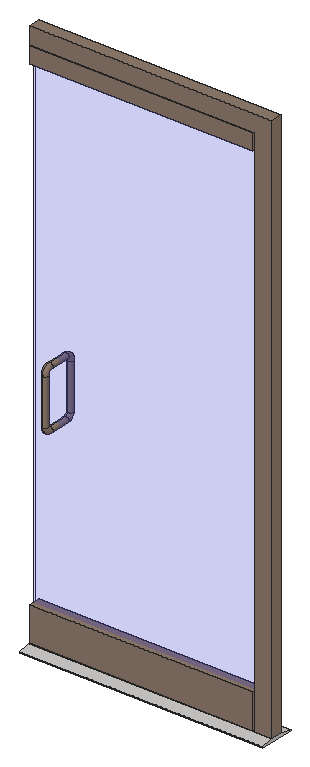
Revit family
Parameters (values of type "As Specified in the Contract Documents")
  ofst2 [instance] = abs(Offset from Exterior Wall Face - (Thickness / 2))  # 0' - 2"
  Top Rail [instance] = 0' - 2 3/4"
  Top RO Spacing = 0' - 0 1/4"
  Top Mechanism Height [instance] = if(Power Operation, 0' 7 1/2", 0' 3.13")  # 0' - 3.13"
  Threshold Width [instance] = 0' - 6"
  Threshold Material [instance] = Stainless Steel w Polished Finish - Ellison
  Thickness = 0' - 2"  # constant formula
  SpecWizard = "http://www.arcat.com/specwizard/08480ell/index.htm?coid=32253&mf="
  Revision = "R1_10-2010"
  Right RO Spacing = 0' - 0.13"
  Warranty Duration (Years) = 0
  U_Factor [instance] = 0
  URL = "http://www.ellisonbronze.com/"
  Test Data = "http://www.ellisonbronze.com/newspecs/index.html"
  Specification = "http://www.arcat.com/sdspecs/htm/08480ell.htm"
  Send Message = "http://www.arcat.com/users.pl?action=UserEmail&company=Ellison%20Bronze,%20Inc.&coid=32253&rep=106&fax=716-665-5552&mf="
  Sales Information = "http://www.ellisonbronze.com/contact.html"
  SHGC [instance] = 0
  Rough Width = Width + Right RO Spacing + Left RO Spacing  # 3' - 6.29"
  Rough Height = Height + Right RO Spacing  # 8' - 1.13"
  R_Value [instance] = 0
  Product Properties = ""
  Product Data = "http://www.arcat.com/arcatcos/cos32/arc32253.html"
  Power Operation [instance] = no
  Panel Material = Bronze Satin Finish w Clear Coat Finish - Ellison
  Operation = "As Specified in 08 42 36"
  Model = "As Specified in 08 42 36"
  Minor Door Swing Y Start = Width * 0.507  # 1' - 7.71216"
  Minor Door Swing X Start = Width * 0.6157  # 1' - 11.93842"
  Minor Door Swing Radius = Width * 0.5367  # 1' - 8.8669"
  Manufacturer Website = "http://www.ellisonbronze.com/"
  Manufacturer Phone - Toll Free = "800-665-6445 "
  Manufacturer Phone = "716-665-6522 "
  Manufacturer Fax = "716-665-5552"
  Manufacturer Address = "125 W. Main St., Falconer, NY 14733"
  Manufacturer = "Ellison Bronze, Inc."
  Maintenance Schedule (Months) = 0
  Left RO Spacing = 0' - 3.28"
  Keynote = "08 42 36"
  Installation-Fabrication = "http://www.ellisonbronze.com/instmain.html"
  Installation Phase = "Exterior Enclosure"
  Height = 8' - 1"
  Hardware Finish = Cast Bronze, Polished, With Lacquer - Ellison
  Green Building-LEED = "http://www.arcat.com/green/clients/leed_data_32253.html"
  Glass Thickness = if(Height < 9' 0.1", 0' 0 1/2", 0' 0 3/4")  # 0' - 0 1/2"
  Frame Material = Bronze Satin Finish w Clear Coat Finish - Ellison
  Fire Rating = "As Specified in 08 42 36"
  F588_Forced-Entry = "As Specified in 08 42 36"
  Expected Lifespan (Years) = 0
  E547_Water-Resistance = "As Specified in 08 42 36"
  E330_Structural-Test-Pressure = "As Specified in 08 42 36"
  E283_Air-Infiltration = "As Specified in 08 42 36"
  Drawn By = "Robert S. Weygant. CSI, CDT, SCIP"
  Door Glazing = Glass
  Description = "Bronze All Glass Balanced Door"
  Wall Closure = (empty or 0)
  Width = 3' - 2.88"
  Copyright = "2010 ARCAT, Inc."
  Construction Details = "http://www.ellisonbronze.com/newspecs/index.html"
  Offset from Exterior Wall Face [instance] = -0' - 1"
  Bottom Rail [instance] = 0' - 6"
  Assembly Code = "B2020100"
  AAMA Conformance = "As Specified in 08 42 36"
Reference planes (in)
  plane 1 "Center (Front/Back)": y = 0.3125
  plane 2 "Center (Left/Right)": x = -0.64125
  plane 3 "Left": x = -21.72125
  plane 4 "Right": x = 17.15875
  plane 5 "Center": z = 47.27875
  plane 6 "Exterior": y = 2.3125
  plane 7 "Interior": y = -3.6875
  plane 8 "FrameRight": x = 20.43875
  plane 9 "FrameLeft": x = -21.85125
  plane 10 "FrameUpper": z = 97
  plane 11 "Top": z = 97.25
  plane 12: z = 93.87
  plane 13: z = 0.6875
Forms (in)
  Extrusion 1, solid, material "Bronze Satin Finish w Clear Coat Finish - Ellison" <- "Panel Material"
    sketch origin (0, 0.3125, 0) x (1, 0, 0) y (0, 0, 1)
      loop
        line (17.15875, 93.87) -> (-21.72125, 93.87) -> (-21.72125, 91.12) -> (17.15875, 91.12) -> (17.15875, 93.87)
      loop
        line (17.15875, 0.6875) -> (17.15875, 6.6875) -> (-21.72125, 6.6875) -> (-21.72125, 0.6875) -> (17.15875, 0.6875)
    from -1 to 1
  Extrusion 2, solid, material "Glass" <- "Door Glazing"
    sketch origin (0, 0.3125, 0) x (1, 0, 0) y (0, 0, 1)
      loop
        line (17.15875, 93.87) -> (-21.72125, 93.87) -> (-21.72125, 0.6875) -> (17.15875, 0.6875) -> (17.15875, 93.87)
    from -0.25 to 0.25
  Extrusion 3, solid, material "Bronze Satin Finish w Clear Coat Finish - Ellison" <- "Frame Material"
    sketch origin (0, 0.3125, 3.125) x (1, 0, 0) y (0, 0, 1)
      loop
        line (20.43875, 93.875) -> (-21.85125, 93.875) -> (-21.85125, 90.87) -> (17.40875, 90.87) -> (17.40875, -2.625) -> (20.43875, -2.625) -> (20.43875, 93.875)
    from -1 to 1
  Extrusion 4, solid, material "Stainless Steel w Polished Finish - Ellison" <- "Threshold Material"
    sketch origin (-0.64125, 0, 0) x (0, 1, 0) y (0, 0, 1)
      loop
        line (3.3125, 0) -> (3.3125, 0.19) -> (1.33515, 0.5) -> (-0.71015, 0.5) -> (-2.6875, 0.19) -> (-2.6875, 0) -> (3.3125, 0)
    from -21.21 to 21.08
Lines and regions (in)
  Opening 1
    outline origin (-95.7153, -3.6875, 0) x (1, 0, 0) y (0, 0, 1)
      loop
        line (73.86405, 97.25) -> (73.86405, 0) -> (116.15405, 0) -> (116.15405, 97.25) -> (73.86405, 97.25)
  symbolic lines, style "Elevation Swing"
    curve 1: line (-21.72125, 0, 93.87) -> (17.15875, 0, 47.27875)
    curve 2: line (-21.72125, 0, 0.6875) -> (17.15875, 0, 47.27875)
  symbolic lines, style "DoorsPanelProjection"
    curve 3: line (16.13107, -11.9375, 0) -> (14.13107, -11.9375, 0)
    curve 4: line (16.13107, -11.9375, 0) -> (16.13107, 26.9425, 0)
    curve 5: line (16.13107, 26.9425, 0) -> (14.13107, 26.9425, 0)
    curve 6: line (14.13107, -11.9375, 0) -> (14.13107, 26.9425, 0)
    curve 7: arc (-21.71923, 1.3125, 0) -> (-17.65467, 12.77509, 0) -> (-7.88967, 20.02466, 0) r 20.8669
  symbolic lines, style "Plan Swing"
    curve 8: arc (-7.88967, 20.02466, 0) -> (2.90967, 24.15534, 0) -> (14.13107, 26.9425, 0) r 94.93214
  symbolic lines, style "DoorsFrameMullionProjection"
    curve 9: line (20.43875, 1.3125, 0) -> (17.40875, 1.3125, 0)
    curve 10: line (20.43875, -0.6875, 0) -> (20.43875, 1.3125, 0)
    curve 11: line (17.40875, -0.6875, 0) -> (20.43875, -0.6875, 0)
    curve 12: line (17.40875, 1.3125, 0) -> (17.40875, -0.6875, 0)
  reference lines
    curve 13: line (4.04875, 0.3125, 91.12) -> (40.40875, 0.3125, 91.12)
    curve 14: line (4.04875, 0.3125, 6.6875) -> (45.40875, 0.3125, 6.6875)
Text (in)
  text "EXTERIOR" at (-79.42766, 23.47596, 0), in view "Ref. Level"
  text "INTERIOR" at (-79.42766, -17.27685, 0), in view "Ref. Level"
  text "Exterior" at (0, 47.2975, 123.29936), in view "Left"
  text "Exterior" at (0, 19.21628, 132.11189), in view "Right"
Dimensions and locks (in)
  host wall to plane 6 "Exterior" = 0' - 0"
  host wall to plane 7 "Interior" = 0' - 0"
  "Width": plane 3 "Left" to plane 4 "Right"
  equal spacing: plane 3 "Left", plane 2 "Center (Left/Right)", plane 8 "FrameRight"
  "Right RO Spacing": plane 9 "FrameLeft" to plane 3 "Left"
  "Left RO Spacing": plane 4 "Right" to plane 8 "FrameRight"
  "ofst2": plane 1 "Center (Front/Back)" to host wall
  locked: plane 13 to level at 0.6875
  equal spacing: plane 13, plane 5 "Center", plane 12
  "Thickness": Extrusion 1 to Extrusion 1
  "Width": curve 5 to curve 3
  "Glass Thickness": Extrusion 2 to Extrusion 2
  equal spacing: Extrusion 2, plane 1 "Center (Front/Back)", Extrusion 2
  equal spacing: Extrusion 1, plane 1 "Center (Front/Back)", Extrusion 1
  locked: curve 3 to plane 1 "Center (Front/Back)" at 12.25
  "Minor Door Swing Y Start": plane 1 "Center (Front/Back)" to curve 8
  "Top Mechanism Height": plane 12 to plane 10 "FrameUpper"
  "Height": level to plane 10 "FrameUpper"
  "Top RO Spacing": plane 10 "FrameUpper" to plane 11 "Top"
  locked: curve 6 to plane 8 "FrameRight" at 6.30768
  "Thickness": curve 6 to curve 4
  "Top Rail": curve 13 to plane 12
  "Bottom Rail": plane 13 to curve 14
  equal spacing: Extrusion 4 sketch curve, plane 1 "Center (Front/Back)", Extrusion 4 sketch curve
  locked: Extrusion 4 sketch curve to level at 0.5
  Extrusion 4 sketch curve to plane 1 "Center (Front/Back)" to Extrusion 4 sketch curve = 0' - 1.02265" locked, 0' - 1.02265" locked
  "Threshold Width": Extrusion 4 to Extrusion 4
  locked: plane 3 "Left" to nested 1 at 4
  "Minor Door Swing Radius": radius of curve 7
  aligned and locked: Opening 1 sketch curve to plane 8 "FrameRight"
  aligned and locked: plane 9 "FrameLeft" to Opening 1 sketch curve
  aligned and locked: Opening 1 sketch curve to plane 11 "Top"
  aligned and locked: level to Opening 1 sketch curve
  aligned and locked: plane 4 "Right" to curve 2
  aligned and locked: plane 5 "Center" to curve 2
  aligned and locked: Extrusion 1 to curve 7
  aligned and locked: host wall to plane 7 "Interior"
  aligned and locked: plane 6 "Exterior" to host wall
  aligned and locked: curve 5 to curve 8
  aligned and locked: Extrusion 3 to curve 9
  aligned and locked: curve 9 to Extrusion 3
  aligned and locked: curve 12 to Extrusion 3  (x2)
  aligned and locked: Extrusion 1 sketch curve to curve 14
  aligned and locked: Extrusion 1 sketch curve to curve 13
  aligned and locked: Extrusion 4 to plane 8 "FrameRight"
  aligned and locked: Extrusion 4 to plane 9 "FrameLeft"
  aligned and locked: Extrusion 3 to Extrusion 1  (x2)
Automatic sketch dimensions
  curve 1 to plane 3 "Left" = 0' - 0"
  curve 1 to plane 12 = 0' - 0"
  curve 2 to plane 3 "Left" = 0' - 0"
  curve 2 to plane 13 = 0' - 0"
  curve 7 to plane 1 "Center (Front/Back)" = 0' - 0.06016"
  curve 7 to plane 2 "Center (Left/Right)" = 0' - 0.23226"
  curve 8 to plane 8 "FrameRight" = 0' - 10.92301"
  Extrusion 1 sketch curve to plane 4 "Right" = 0' - 0"
  Extrusion 1 sketch curve to plane 13 = 0' - 0"
  Extrusion 1 sketch curve to plane 12 = 0' - 0"
  Extrusion 3 sketch curve to plane 9 "FrameLeft" = 0' - 0"
  Extrusion 3 sketch curve to plane 8 "FrameRight" = 0' - 0"
  Extrusion 3 sketch curve to plane 10 "FrameUpper" = 0' - 0"
  Extrusion 3 sketch curve to plane 4 "Right" = 0' - 0 1/4"
  plane 12 to Extrusion 3 sketch curve = 0' - 0 1/8"
  Extrusion 3 sketch curve to plane 13 = 0' - 0 3/16"
  plane 2 "Center (Left/Right)" to curve 13 = 0' - 4.69"
  plane 2 "Center (Left/Right)" to curve 14 = 0' - 4.69"
  curve 13 to plane 8 "FrameRight" = 1' - 7.97"
  curve 14 to plane 8 "FrameRight" = 2' - 0.97"
  Extrusion 4 sketch curve to level = 0' - 0"
  host wall to Extrusion 4 sketch curve = 0' - 2"
  level to Extrusion 4 sketch curve = 0' - 0.19"  (x2)
  Extrusion 2 sketch curve to plane 3 "Left" = 0' - 0"
  Extrusion 2 sketch curve to plane 4 "Right" = 0' - 0"
  Extrusion 2 sketch curve to plane 13 = 0' - 0"
  Extrusion 2 sketch curve to plane 12 = 0' - 0"
  Extrusion 1 sketch curve to plane 3 "Left" = 0' - 0"  (x2)
  plane 4 "Right" to Extrusion 1 sketch curve = 0' - 0"
Nested families (in)
  nested 1: "Handle_Straight_Ellison" at (-17.72125, 0.5625, 40.68751) x (1, 0, 0) z (0, 1, 0), type "Handle_Straight_Ellison"
Definition of nested family "Handle_Straight_Ellison"
  Parameters
    Material = Stainless Steel w Polished Finish - Ellison
    Default Elevation = 4' - 0"
  Reference planes (in)
    plane 1 "Center (Front/Back)": y = 0
    plane 2: z = 0
    plane 3 "Center (Left/Right)": x = 0
  Forms (in)
    Sweep 1, solid, material "Stainless Steel w Polished Finish - Ellison" <- "Material"
      path origin (0, 0, 0) x (0, 1, 0) y (0, 0, 1)
        loop
          arc (-4.99999, -2) -> (-4.70709, -2.70711) -> (-3.99999, -3) r 1
          line (-3.99999, -3) -> (4.00001, -3)
          arc (4.00001, -3) -> (4.70712, -2.70711) -> (5.00001, -2) r 1
          line (5.00001, -2) -> (5.00001, 1.5)
          arc (5.00001, 1.5) -> (4.70712, 2.20711) -> (4.00001, 2.5) r 1
          line (4.00001, 2.5) -> (-3.99999, 2.5)
          arc (-3.99999, 2.5) -> (-4.70709, 2.20711) -> (-4.99999, 1.5) r 1
          line (-4.99999, 1.5) -> (-4.99999, -2)
      profile "PR-Circle : PR-Circle" origin (0, -4.99999, -0.25) x (0, -1, 0) y (1, 0, 0)
        loop
          circle (0, 0) r 0.5
